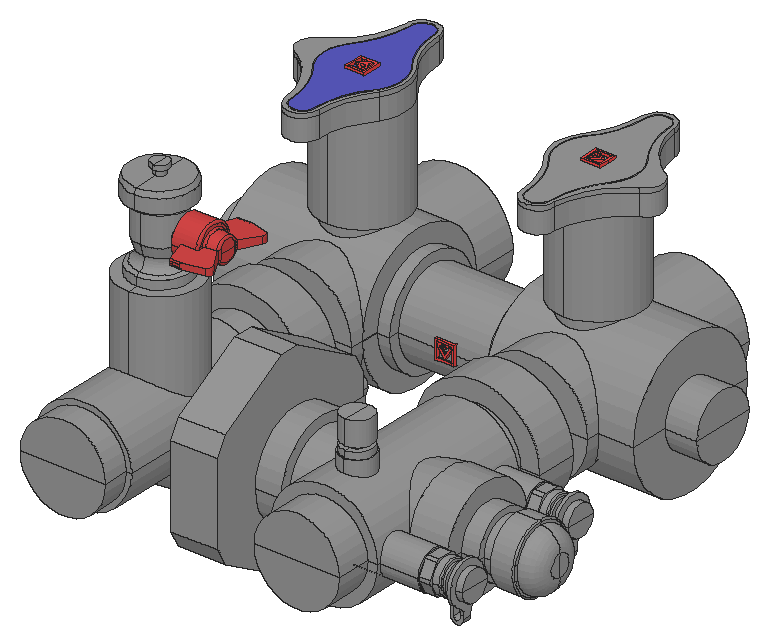
Revit family "HerzCon-узел прямого подключения для фанкойлов 120мм", category Rohrzubehör, Revit 2019
Family settings
  Bemaßung runder Anschluss = Durchmesser verwenden
  Teiletyp = Unterbricht
  OmniClass-Nummer = 23.65.55.14
  OmniClass-Titel = Valves for Liquid Services
  Arbeitsebenenbasiert = Nein
  Immer vertikal = Ja
  Beim Laden mit Abzugskörper schneiden = Nein
  Gemeinsam genutzt = Nein
Parameters (values of type "DN32")
  Среда = "Вода для системы отопления подготавливается в соответствии с ÖNORM H5195 или VDI 2035.\r\nВозможно использование этилена или пропиленгликоля в концентрации 25-50% объема."
  Применение = "HerzCON был разработан для простого подключения фанкойлов или AHU.\r\nHerzCON - это устройство, состоящее из независимого от давления комби-клапана - регулятора расхода (4006), HERZ фильтра-грязевика, HERZ крана для слива (2512) и двух HERZ мультифункциональных шаровых кранов.\r\nВключение, выключение и модульное управление возможно производить через приводы 0 - 10 В.\r\nПриводы могут быть интегрированы в BMS при необходимости.\r\nУстройство обеспечивает независимое от давления управление и в то же время гарантирует постоянный расход для конечного потребителя, максимизируя энергоэффективность системы.\r\nУстройство HerzCON также позволяет производить промывку и запирание.\r\nHerzCON предназначен для работы как в системах холодоснабжения, так и теплоснабжения.\r\nКран для слива, установленный на сетчатом фильтре, позволяет производить промывку устройства без необходимости извлечения сетчатого фильтра, а также позволяет очищать сетчатый фильтр в самом устройстве."
  Номер заказа [instance] = 1460054  # constant formula
  Мин. рабочая температура = -20 °C  # constant formula
  Макс. рабочее давление = 2500000.0 Pa  # constant formula
  Макс. рабочая температура = 130 °C  # constant formula
  Макс. дифференциальное давление = 400000.0 Pa  # constant formula
  Корпус = "латунь, устойчивая к селективной цинковой коррозии"  # constant formula
  kvs-Wert (обычная работа) = 4.57  # constant formula
  kvs-Wert (работа байпаса) = 14.2  # constant formula
  URL = "www.herz-armaturen.ru"
  SCRNSEQ = "ARM;TYP_ARM=\"DURR\";02"
  SCRNCODE = "05;04;04"  # constant formula
  Nennweite SF [instance] = 40.00 mm  # constant formula
  Nennweite Kombi [instance] = 40.00 mm  # constant formula
  Nennweite KH [instance] = 32.00 mm  # constant formula
  Мембрана и уплотнительное кольцо O-Ring = "EPDM"  # constant formula
  L11 = 16.00 mm  # constant formula
  L10 = 29.30 mm  # constant formula
  L09 = 20.00 mm  # constant formula
  L08 = 14.75 mm  # constant formula
  L07 = 19.25 mm  # constant formula
  L06 = 17.00 mm  # constant formula
  L05 = 26.50 mm  # constant formula
  L04 = 55.00 mm  # constant formula
  L03 = 22.40 mm  # constant formula
  L02 = 6.10 mm  # constant formula
  L01 = 15.00 mm  # constant formula
  L00 [instance] = 226.20 mm  # constant formula
  KR02 = 18.25 mm  # constant formula
  KR01 = 35.00 mm  # constant formula
  KL09 = 4.70 mm  # constant formula
  KL08 = KL06 + KL07  # 70.70 mm
  KL07 = 21.80 mm  # constant formula
  KL06 = KH01 + KL05  # 48.90 mm
  KL05 = 15.40 mm  # constant formula
  KL04 = 12.00 mm  # constant formula
  KL03 = KH03 - 9.00 mm  # 57.00 mm
  KL02 = 16.00 mm  # constant formula
  KL01 = 114.00 mm  # constant formula
  KH03 = 66.00 mm  # constant formula
  KH02 = KH01 + KD01  # 58.50 mm
  KH01 = 33.50 mm  # constant formula
  KD09 = 11.25 mm  # constant formula
  KD08 = 24.50 mm  # constant formula
  KD07 = 23.30 mm  # constant formula
  KD06 = 15.00 mm  # constant formula
  KD05 = 12.50 mm  # constant formula
  KD04 = 13.90 mm  # constant formula
  KD03 = 20.00 mm  # constant formula
  KD02 = 20.00 mm  # constant formula
  KD01 = 25.00 mm  # constant formula
  Ход = "4 мм"  # constant formula
  Hersteller = "HERZ Armaturen Ges.m.b.H."  # constant formula
  H01 = D02 + 1.00 mm  # 34.00 mm
  D10 = 21.40 mm  # constant formula
  D09 = 13.00 mm  # constant formula
  D08 = 18.40 mm  # constant formula
  D07 = 39.00 mm  # constant formula
  D06 = 45.00 mm  # constant formula
  D05 = 54.50 mm  # constant formula
  D04 = 20.00 mm  # constant formula
  D03 = 24.50 mm  # constant formula
  D02 = 33.00 mm  # constant formula
  D01 = 15.00 mm  # constant formula
Reference planes
  plane 1 "Mitte (Vorne/hinten)": y = 0
  plane 2: z = 0
  plane 3 "Mitte (Links/rechts)": x = 0
Forms (mm)
  Revolve 1, solid, material "Messing, weicher Gelbton, geschweißt", detail levels fine
    sketch origin (0, -1.436, 0) x (1, 0, 0) y (0, 1, 0)
      loop
        line (-113.1, 1.436) -> (113.1, 1.436) -> (113.1, 16.436) -> (98.1, 16.436) -> (98.1, 34.436) -> (28.5, 34.436) -> (28.5, 25.936) -> (22.4, 25.936) -> (22.4, 21.436) -> (-22.4, 21.436) -> (-22.4, 25.936) -> (-28.5, 25.936) -> (-28.5, 34.436) -> (-98.1, 34.436) -> (-98.1, 16.436) -> (-113.1, 16.436) -> (-113.1, 1.436)
      axis (113.1, 1.436) -> (-113.1, 1.436)
    angle from 0 to 360
  Revolve 2, solid, material "Messing, weicher Gelbton, geschweißt", detail levels fine
    sketch origin (0, 0, 0) x (-1, 0, 0) y (0, 1, 0)
      loop
        line (-55, -57.4) -> (-55, 33.1) -> (-71, 33.1) -> (-71, 54.5) -> (-81.5, 54.5) -> (-81.5, -39) -> (-69.75, -39) -> (-69.75, -51.4) -> (-84.3, -51.4) -> (-84.3, -70.4) -> (-75, -70.4) -> (-75, -57.4) -> (-55, -57.4)
      axis (-55, -70.4) -> (-55, 54.5)
    angle from 0 to 360
  Revolve 3, solid, material "Messing, weicher Gelbton, geschweißt", detail levels fine
    sketch origin (0, 0, 0) x (1, 0, 0) y (0, 0, 1)
      loop
        line (-55, 0) -> (-55, 45) -> (-72, 45) -> (-72, 0) -> (-55, 0)
      axis (-55, 45) -> (-55, 0)
    angle from 0 to 360
  Revolve 4, solid, material "Messing, weicher Gelbton, geschweißt", detail levels fine
    sketch origin (0, 0, 0) x (-1, 0, 0) y (0, 0, 1)
      loop
        line (-55, 0) -> (-55, 45) -> (-72, 45) -> (-72, 0) -> (-55, 0)
      axis (-55, 45) -> (-55, 0)
    angle from 0 to 360
  Revolve 5, solid, material "Messing, weicher Gelbton, geschweißt", detail levels fine
    sketch origin (0, 0, 0) x (1, 0, 0) y (0, 1, 0)
      loop
        line (-55, -57.4) -> (-55, 33.1) -> (-71, 33.1) -> (-71, 54.5) -> (-81.5, 54.5) -> (-81.5, -39) -> (-69.75, -39) -> (-69.75, -51.4) -> (-84.3, -51.4) -> (-84.3, -70.4) -> (-75, -70.4) -> (-75, -57.4) -> (-55, -57.4)
      axis (-55, -70.4) -> (-55, 54.5)
    angle from 0 to 360
  Revolve 6, solid, material "Messing, weicher Gelbton, geschweißt", detail levels fine
    sketch origin (10, 7.177, 0) x (1, 0, 0) y (0, 1, 0)
      loop
        line (45, -68.677) -> (25, -68.677) -> (25, -84.677) -> (20, -84.677) -> (20, -166.677) -> (25, -166.677) -> (25, -182.677) -> (45, -182.677) -> (45, -68.677)
      axis (45, -68.677) -> (45, -182.677)
    angle from 0 to 360
  Revolve 7, solid, material "Messing, weicher Gelbton, geschweißt", detail levels fine
    sketch origin (10, -105.85, 0) x (1, 0, 0) y (0, 1, 0)
      loop
        line (11.5, -12.65) -> (11.5, -32.65) -> (45, -32.65) -> (70, -35.95) -> (87.8, -35.95) -> (87.8, -27.65) -> (96.3, -27.65) -> (96.3, -25.15) -> (102, -25.15) -> (102, -26.55) -> (111, -26.55) -> (111, -12.65) -> (11.5, -12.65)
      axis (11.5, -12.65) -> (111, -12.65)
    angle from 0 to 360
  Revolve 8, solid, material "Messing, weicher Gelbton, geschweißt", detail levels fine
    sketch origin (10, -105.85, 0) x (1, 0, 0) y (0, 1, 0)
      loop
        line (11.5, -12.65) -> (-3.9, -12.65) -> (-3.9, -23.9) -> (-0.5, -23.9) -> (-0.5, -37.15) -> (11.5, -37.15) -> (11.5, -12.65)
      axis (-3.9, -12.65) -> (11.5, -12.65)
    angle from 0 to 360
  Extrusion 9, solid, material "Messing, weicher Gelbton, geschweißt", detail levels fine
    sketch origin (-4.9, 62.574, 0) x (0, 1, 0) y (0, 0, 1)
      loop
        line (-176.324, 46) -> (-185.824, 46) -> (-218.536, 27.114) -> (-223.286, 18.886) -> (-223.286, -18.886) -> (-218.536, -27.114) -> (-185.824, -46) -> (-176.324, -46) -> (-143.612, -27.114) -> (-138.862, -18.886) -> (-138.862, 18.886) -> (-143.612, 27.114) -> (-176.324, 46)
    from 11 to -10.8
  Revolve 10, solid, material "Messing, weicher Gelbton, geschweißt", detail levels fine
    sketch origin (-4.9, -105.85, 0) x (1, 0, 0) y (0, 1, 0)
      loop
        line (-10.8, -12.65) -> (-10.8, 22.35) -> (-15.5, 5.6) -> (-15.5, -12.65) -> (-10.8, -12.65)
      axis (-15.5, -12.65) -> (-10.8, -12.65)
    angle from 0 to 360
  Extrusion 11, solid, material "Messing, weicher Gelbton, geschweißt", detail levels fine
    sketch origin (-4.9, -105.85, 0) x (1, 0, 0) y (0, 0, 1)
      loop
        line (11, 8) -> (-7.5, 8)
        arc (-7.5, 8) -> (-15.5, 0) -> (-7.5, -8) r 8
        line (-7.5, -8) -> (11, -8) -> (11, 8)
    from -30.847 to 12.65
  Revolve 12, solid, material "Messing, weicher Gelbton, geschweißt", detail levels fine
    sketch origin (-4.9, -105.85, 0) x (1, 0, 0) y (0, 1, 0)
      loop
        line (-14.5, 30.847) -> (-7.5, 30.847) -> (-7.5, 46.847) -> (-14.5, 46.847) -> (-14.5, 35.847) -> (-11.5, 35.847) -> (-11.5, 33.847) -> (-14.5, 33.847) -> (-14.5, 30.847)
      axis (-7.5, 46.847) -> (-7.5, 30.847)
    angle from 0 to 360
  Revolve 13, solid, material "Messing, weicher Gelbton, geschweißt", detail levels fine
    sketch origin (55, -105.85, 0) x (0, 1, 0) y (0, 0, 1)
      loop
        line (-34.65, 0) -> (-26.85, 0) -> (-26.85, 31) -> (-27.65, 31) -> (-27.65, 34) -> (-30.65, 34) -> (-30.65, 36) -> (-27.65, 36) -> (-27.65, 47) -> (-34.65, 47) -> (-34.65, 0)
      axis (-34.65, 47) -> (-34.65, 0)
    angle from 0 to 360
  Revolve 14, solid, material "Messing, weicher Gelbton, geschweißt", detail levels fine
    sketch origin (0, 0, 0) x (1, 0, 0) y (0, 1, 0)
      loop
        line (55, -96.5) -> (97.8, -96.5) -> (97.8, -87.5) -> (55, -87.5) -> (55, -96.5)
      axis (97.8, -87.5) -> (55, -87.5)
    angle from 0 to 360
  Revolve 15, solid, material "Messing, weicher Gelbton, geschweißt", detail levels fine
    sketch origin (0, -396.8, 0) x (1, 0, 0) y (0, -1, 0)
      loop
        line (55, -256.3) -> (97.8, -256.3) -> (97.8, -247.3) -> (55, -247.3) -> (55, -256.3)
      axis (97.8, -247.3) -> (55, -247.3)
    angle from 0 to 360
  Revolve 16, solid, material "Messing, weicher Gelbton, geschweißt", detail levels fine
    sketch origin (0, 251.113, 0) x (1, 0, 0) y (0, 1, 0)
      loop
        line (-55, -312.613) -> (-75, -312.613) -> (-75, -335.613) -> (-77.5, -335.613) -> (-77.5, -413.943) -> (-75, -413.943) -> (-75, -425.613) -> (-55, -425.613) -> (-55, -312.613)
      axis (-55, -312.613) -> (-55, -425.613)
    angle from 0 to 360
  Revolve 17, solid, material "Messing, weicher Gelbton, geschweißt", detail levels fine
    sketch origin (-55, 0, 0) x (0, 1, 0) y (0, 0, 1)
      loop
        line (-105, 0) -> (-105, -36)
        arc (-105, -36) -> (-92.506, -32.657) -> (-84.5, -22.5) r 20.5
        line (-84.5, -22.5) -> (-84.5, 0) -> (-105, 0)
      axis (-105, 0) -> (-105, -36)
    angle from 0 to 360
  Revolve 18, solid, material "Messing, weicher Gelbton, geschweißt", detail levels fine
    sketch origin (-55, -511.376, 0) x (0, 1, 0) y (0, 0, 1)
      loop
        line (393.376, 0) -> (411.876, 0) -> (411.876, 57) -> (406.876, 57) -> (406.876, 61) -> (404.999, 62.084)
        arc (404.999, 62.084) -> (402.831, 64.622) -> (402.743, 67.959) r 5
        line (402.743, 67.959) -> (404.381, 73) -> (404.381, 88) -> (406.581, 88) -> (406.581, 89.5) -> (408.361, 89.5) -> (408.361, 96) -> (407.361, 98.5) -> (395.861, 98.5) -> (395.861, 101.5) -> (397.361, 101.5) -> (397.361, 103.5) -> (393.376, 103.5) -> (393.376, 0)
      axis (393.376, 103.5) -> (393.376, 0)
    angle from 0 to 360
  Extrusion 19, solid, material "Messing, weicher Gelbton, geschweißt", detail levels fine
    sketch origin (5.52, -501.459, 12) x (0, 1, 0) y (0, 0, 1)
      loop
        circle (383.459, 65) r 5.5
    from -60.52 to -43.52
Dimensions and locks
  "L00": Revolve 1 sketch curve to Revolve 1 sketch curve
  "L01": Revolve 1 sketch curve to Revolve 1 sketch curve  (x2)
  "L02": Revolve 1 sketch curve to Revolve 1 sketch curve  (x2)
  equal spacing: Revolve 1 sketch curve, plane 3 "Mitte (Links/rechts)", Revolve 1 sketch curve
  "D01": Revolve 1 sketch curve to Revolve 1 sketch curve  (x2)
  "D02": Revolve 1 sketch curve to Revolve 1 sketch curve  (x2)
  "D03": Revolve 1 sketch curve to Revolve 1 sketch curve  (x2)
  "D04": Revolve 1 sketch curve to Revolve 1 sketch curve
  "D04": nested 2 to plane 1 "Mitte (Vorne/hinten)"
  "D04": nested 1 to plane 1 "Mitte (Vorne/hinten)"
  "L03": Revolve 1 sketch curve to plane 3 "Mitte (Links/rechts)" to Revolve 1 sketch curve
  "L05": Revolve 2 sketch curve to Revolve 2 sketch curve
  "L04": plane 3 "Mitte (Links/rechts)" to Revolve 2 sketch curve  (x2)
  "L04": plane 3 "Mitte (Links/rechts)" to Revolve 3 sketch curve  (x2)
  "L06": Revolve 3 sketch curve to Revolve 3 sketch curve
  "D06": Revolve 3 sketch curve to plane 2
  "L06": Revolve 4 sketch curve to Revolve 4 sketch curve
  "D06": Revolve 4 sketch curve to plane 2
  "L04": plane 3 "Mitte (Links/rechts)" to Revolve 4 sketch curve
  "L04": Revolve 4 sketch curve to plane 3 "Mitte (Links/rechts)"
  "L04": plane 3 "Mitte (Links/rechts)" to nested 3
  "L04": nested 4 to plane 3 "Mitte (Links/rechts)"
  "H01": nested 3 to plane 2
  "H01": nested 4 to plane 2
  "D05": plane 1 "Mitte (Vorne/hinten)" to Revolve 2 sketch curve
  "D07": Revolve 2 sketch curve to plane 1 "Mitte (Vorne/hinten)"
  "D08": Revolve 2 sketch curve to Revolve 2 sketch curve
  "L08": Revolve 2 sketch curve to Revolve 2 sketch curve
  "L10": Revolve 2 sketch curve to Revolve 2 sketch curve
  "L09": Revolve 2 sketch curve to Revolve 2 sketch curve
  "D09": Revolve 2 sketch curve to Revolve 2 sketch curve
  "L05": Revolve 5 sketch curve to Revolve 5 sketch curve
  "D08": Revolve 5 sketch curve to Revolve 5 sketch curve
  "L08": Revolve 5 sketch curve to Revolve 5 sketch curve
  "L10": Revolve 5 sketch curve to Revolve 5 sketch curve
  "L09": Revolve 5 sketch curve to Revolve 5 sketch curve
  "D09": Revolve 5 sketch curve to Revolve 5 sketch curve
  "D05": plane 1 "Mitte (Vorne/hinten)" to Revolve 5 sketch curve
  "D07": Revolve 5 sketch curve to plane 1 "Mitte (Vorne/hinten)"
  "L11": Revolve 5 sketch curve to Revolve 5 sketch curve
  "L04": Revolve 5 sketch curve to plane 3 "Mitte (Links/rechts)"  (x2)
  "D10": Revolve 5 sketch curve to Revolve 5 sketch curve
  "L11": Revolve 2 sketch curve to Revolve 2 sketch curve
  "D10": Revolve 2 sketch curve to Revolve 2 sketch curve
  "KD02": Revolve 6 sketch curve to Revolve 6 sketch curve  (x2)
  "KD01": Revolve 6 sketch curve to Revolve 6 sketch curve
  Revolve 6 sketch curve to Revolve 6 sketch curve = 114.00 mm
  "KL02": Revolve 6 sketch curve to Revolve 6 sketch curve  (x2)
  equal spacing: Revolve 6, Revolve 7 sketch curve, Revolve 6  (x2)
  Revolve 7 sketch curve to Revolve 7 sketch curve = 99.50 mm
  Revolve 7 sketch curve to Revolve 7 sketch curve = 9.00 mm
  Revolve 7 sketch curve to Revolve 7 sketch curve = 5.70 mm
  Revolve 7 sketch curve to Revolve 7 sketch curve = 8.50 mm
  "KD04": Revolve 7 sketch curve to Revolve 7 sketch curve
  "KD05": Revolve 7 sketch curve to Revolve 7 sketch curve
  "KD06": Revolve 7 sketch curve to Revolve 7 sketch curve
  "KD03": Revolve 7 sketch curve to Revolve 7 sketch curve
  "KH01": Revolve 7 sketch curve to Revolve 7 sketch curve
  "KH02": Revolve 7 sketch curve to Revolve 7 sketch curve
  "KH01": Revolve 8 sketch curve to Revolve 7
  equal spacing: Revolve 6, Revolve 8 sketch curve, Revolve 6  (x2)
  "KD08": Revolve 8 sketch curve to Revolve 8 sketch curve
  "KD09": Revolve 8 sketch curve to Revolve 8 sketch curve
  "KL05": Revolve 8 sketch curve to Revolve 8 sketch curve
  "KL04": Revolve 8 sketch curve to Revolve 8 sketch curve
  equal spacing: Revolve 6, Revolve 10 sketch curve, Revolve 6  (x2)
  "KR02": Revolve 10 sketch curve to Revolve 10 sketch curve
  "KR01": Revolve 10 sketch curve to Revolve 10 sketch curve
  "KL09": Revolve 10 sketch curve to Extrusion 9
  equal spacing: Revolve 6, nested 5, Revolve 6
  Revolve 12 sketch curve to Revolve 12 sketch curve = 7.00 mm  (x2)
  Revolve 12 sketch curve to Revolve 12 sketch curve = 4.00 mm
  Revolve 12 sketch curve to Revolve 12 sketch curve = 3.00 mm
  Revolve 12 sketch curve to Revolve 12 sketch curve = 2.00 mm
  Revolve 12 sketch curve to Revolve 12 sketch curve = 11.00 mm
  Revolve 10 to Revolve 12 sketch curve = 1.00 mm
  Revolve 10 to Revolve 12 sketch curve = 8.00 mm
  Extrusion 11 to Revolve 12 sketch curve = 43.497 mm
  equal spacing: Revolve 6, Extrusion 11, Revolve 6
  Revolve 13 sketch curve to Revolve 13 sketch curve = 7.80 mm
  Revolve 13 sketch curve to Revolve 13 sketch curve = 7.00 mm  (x2)
  Revolve 13 sketch curve to Revolve 13 sketch curve = 4.00 mm
  Revolve 13 sketch curve to Revolve 13 sketch curve = 3.00 mm
  Revolve 13 sketch curve to Revolve 13 sketch curve = 2.00 mm
  Revolve 13 sketch curve to Revolve 13 sketch curve = 11.00 mm
  "L04": plane 3 "Mitte (Links/rechts)" to Revolve 6 sketch curve  (x2)
  "KH03": Revolve 7 sketch curve to Revolve 7 sketch curve
  "KD07": Revolve 7 sketch curve to Revolve 7 sketch curve
  "KL03": Revolve 7 to nested 5
  "KL06": Extrusion 9 to Revolve 7
  Extrusion 9 sketch curve to Extrusion 9 sketch curve = 92.00 mm  (x3)
  Extrusion 9 sketch curve to Extrusion 9 sketch curve = 84.424 mm  (x3)
  "KL07": Extrusion 9 to Extrusion 9
  "KL08": Revolve 10 sketch curve to Revolve 7
  Revolve 6 to Extrusion 9 sketch curve = 14.788 mm
  Extrusion 9 sketch curve to Revolve 6 = 14.788 mm
  Extrusion 11 sketch curve to Extrusion 11 sketch curve = 26.50 mm
  Revolve 14 sketch curve to Revolve 14 sketch curve = 42.80 mm
  Revolve 14 sketch curve to Revolve 14 sketch curve = 9.00 mm
  Revolve 14 sketch curve to Revolve 6 = 26.00 mm  (x2)
  Revolve 15 sketch curve to Revolve 15 sketch curve = 42.80 mm
  Revolve 15 sketch curve to Revolve 15 sketch curve = 9.00 mm
  Revolve 6 to Revolve 15 sketch curve = 26.00 mm  (x2)
  Revolve 6 to nested 6 = 26.00 mm
  Revolve 7 to nested 6 = 42.80 mm
  nested 7 to Revolve 6 = 26.00 mm
  Revolve 7 to nested 7 = 42.80 mm
  Revolve 13 sketch curve to plane 2 = 31.00 mm
  Revolve 13 sketch curve to Revolve 6 = 35.00 mm  (x2)
  Revolve 2 to Revolve 6 = 230.00 mm
  Revolve 16 sketch curve to Revolve 16 sketch curve = 23.00 mm
  Revolve 16 sketch curve to Revolve 16 sketch curve = 11.67 mm
  Revolve 16 sketch curve to Revolve 16 sketch curve = 113.00 mm
  "L04": Revolve 16 sketch curve to plane 3 "Mitte (Links/rechts)"  (x2)
  Revolve 16 sketch curve to Revolve 16 sketch curve = 20.00 mm  (x2)
  Revolve 16 sketch curve to Revolve 16 sketch curve = 22.50 mm
  Revolve 17 sketch curve to Revolve 17 sketch curve = 22.50 mm
  Revolve 17 sketch curve to Revolve 17 sketch curve = 20.50 mm
  "L04": Revolve 17 to plane 3 "Mitte (Links/rechts)"
  Revolve 18 sketch curve to Revolve 18 sketch curve = 13.50 mm
  "L04": Revolve 18 to plane 3 "Mitte (Links/rechts)"
  Revolve 18 sketch curve to plane 2 = 57.00 mm
  Revolve 18 sketch curve to Revolve 18 sketch curve = 4.00 mm
  equal spacing: Revolve 16, Revolve 18 sketch curve, Revolve 16  (x2)
  "L04": Extrusion 19 to plane 3 "Mitte (Links/rechts)"
  Extrusion 19 to Extrusion 19 = 17.00 mm
  Revolve 18 to Extrusion 19 = 11.00 mm
  Revolve 18 to nested 8 = 11.00 mm
  equal spacing: Revolve 16, nested 8, Revolve 16
  equal spacing: Revolve 16, Extrusion 19 sketch curve, Revolve 16
  Revolve 16 to Revolve 5 = 229.00 mm
  Revolve 16 to Revolve 17 sketch curve = 43.50 mm  (x2)
  plane 2 to Revolve 17 sketch curve = 36.00 mm
  radius of Extrusion 11 sketch curve = 8.00 mm
  radius of Extrusion 19 sketch curve = 5.50 mm
  aligned and locked: level to plane 2
Automatic sketch dimensions
  Extrusion 9 sketch curve to level = 27.114 mm  (x2)
  Extrusion 9 sketch curve to Extrusion 9 sketch curve = 4.75 mm  (x2)
  level to Extrusion 9 sketch curve = 27.114 mm  (x2)
  Extrusion 9 sketch curve to Extrusion 9 sketch curve = 32.712 mm  (x2)
  level to Extrusion 9 sketch curve = 46.00 mm
  Extrusion 9 sketch curve to Extrusion 9 sketch curve = 9.50 mm
  Extrusion 9 sketch curve to Extrusion 9 sketch curve = 8.227 mm  (x2)
  Extrusion 11 sketch curve to level = 0.00 mm
  Extrusion 11 sketch curve to plane 3 "Mitte (Links/rechts)" = 12.40 mm
  Revolve 12 sketch curve to Revolve 12 sketch curve = 1.775 mm
  Revolve 12 sketch curve to Revolve 12 sketch curve = 4.225 mm
  Revolve 13 sketch curve to level = 0.00 mm
  level to Revolve 13 sketch curve = 7.505 mm
  Revolve 13 sketch curve to Revolve 13 sketch curve = 10.256 mm
  plane 3 "Mitte (Links/rechts)" to Revolve 14 sketch curve = 55.00 mm
  Revolve 14 sketch curve to Revolve 14 sketch curve = 12.80 mm
  Revolve 14 sketch curve to Revolve 14 sketch curve = 5.00 mm
  Revolve 15 sketch curve to plane 3 "Mitte (Links/rechts)" = 55.00 mm
  Revolve 15 sketch curve to Revolve 15 sketch curve = 12.80 mm
  Revolve 15 sketch curve to Revolve 15 sketch curve = 5.00 mm
  Revolve 17 sketch curve to level = 0.00 mm
  Revolve 17 sketch curve to Revolve 17 sketch curve = 1.219 mm
  Revolve 17 sketch curve to Revolve 17 sketch curve = 6.00 mm
  Revolve 17 sketch curve to level = 5.00 mm
  Revolve 18 sketch curve to level = 0.00 mm
  Revolve 18 sketch curve to Revolve 18 sketch curve = 2.485 mm
  Revolve 18 sketch curve to Revolve 18 sketch curve = 1.50 mm  (x2)
  level to Revolve 18 sketch curve = 67.959 mm
  Revolve 18 sketch curve to Revolve 18 sketch curve = 6.883 mm
  Revolve 18 sketch curve to Revolve 18 sketch curve = 8.52 mm
  level to Revolve 18 sketch curve = 62.084 mm
  Revolve 18 sketch curve to Revolve 18 sketch curve = 2.255 mm
  Revolve 18 sketch curve to Revolve 18 sketch curve = 2.20 mm
  level to Revolve 18 sketch curve = 98.50 mm
  Revolve 18 sketch curve to Revolve 18 sketch curve = 0.78 mm
  Revolve 18 sketch curve to Revolve 18 sketch curve = 2.50 mm  (x2)
  Revolve 18 sketch curve to Revolve 18 sketch curve = 1.78 mm
  Revolve 18 sketch curve to Revolve 18 sketch curve = 5.041 mm
  Revolve 18 sketch curve to Revolve 18 sketch curve = 10.50 mm
  Revolve 18 sketch curve to Revolve 18 sketch curve = 3.00 mm
  Revolve 18 sketch curve to Revolve 18 sketch curve = 2.00 mm
  Revolve 18 sketch curve to Revolve 18 sketch curve = 8.124 mm
  Revolve 18 sketch curve to Revolve 18 sketch curve = 5.00 mm
  Revolve 18 sketch curve to Revolve 18 sketch curve = 21.227 mm
  level to Extrusion 19 sketch curve = 77.00 mm
  Revolve 1 sketch curve to plane 1 "Mitte (Vorne/hinten)" = 0.00 mm
  plane 1 "Mitte (Vorne/hinten)" to Revolve 1 sketch curve = 0.00 mm
  Revolve 1 sketch curve to Revolve 1 sketch curve = 1904.835 mm  (x2)
  Revolve 2 sketch curve to Revolve 2 sketch curve = 6.00 mm
  Revolve 2 sketch curve to Revolve 2 sketch curve = 7.746 mm
  Revolve 2 sketch curve to Revolve 2 sketch curve = 7.208 mm
  Revolve 3 sketch curve to level = 0.00 mm  (x2)
  Revolve 3 sketch curve to Revolve 3 sketch curve = 6.726 mm
  Revolve 4 sketch curve to level = 0.00 mm  (x2)
  Revolve 4 sketch curve to Revolve 4 sketch curve = 6.726 mm
  Revolve 5 sketch curve to Revolve 5 sketch curve = 6.00 mm
  Revolve 5 sketch curve to Revolve 5 sketch curve = 7.746 mm
  Revolve 5 sketch curve to Revolve 5 sketch curve = 7.208 mm
  plane 1 "Mitte (Vorne/hinten)" to Revolve 6 sketch curve = 175.50 mm
  Revolve 6 sketch curve to Revolve 6 sketch curve = 6.00 mm
  Revolve 6 sketch curve to Revolve 6 sketch curve = 5.00 mm
  plane 3 "Mitte (Links/rechts)" to Revolve 7 sketch curve = 21.50 mm
  Revolve 7 sketch curve to Revolve 7 sketch curve = 5.00 mm
  Revolve 7 sketch curve to Revolve 7 sketch curve = 11.575 mm
  Revolve 8 sketch curve to Revolve 8 sketch curve = 2.197 mm
  Revolve 8 sketch curve to Revolve 8 sketch curve = 3.212 mm
  Revolve 10 sketch curve to Revolve 10 sketch curve = 0.00 mm  (x2)
  plane 1 "Mitte (Vorne/hinten)" to Revolve 16 sketch curve = 174.50 mm
  Revolve 16 sketch curve to Revolve 16 sketch curve = 26.33 mm
  Revolve 16 sketch curve to Revolve 16 sketch curve = 12.00 mm
Nested families
  nested 1: "Herz-Logo-vorne" at (0, -20, 0) x (0, 1, 0) z (0, 0, 1), type "Herz-Logo-vorne", detail levels fine
  nested 2: "Herz-Logo-vorne" at (0, 20, 0) x (0, 1, 0) z (0, 0, 1), type "Herz-Logo-vorne", detail levels fine
  nested 3: "Handrad (blau) für HerzCon DN25-DN32" at (-55, 0, 34) x (0, -1, 0) z (0, 0, 1), type "Handrad (blau) für HerzCon DN25-DN32", detail levels fine
  nested 4: "Handrad (rot) für HerzCon DN25-DN32" at (55, 0, 34) x (0, 1, 0) z (0, 0, 1), type "Handrad (rot) für HerzCon DN25-DN32", detail levels fine
  nested 5: "Bauschutzkappe für HerCon" at (112, -118.5, 0), type "Bauschutzkappe für HerCon", detail levels fine
  nested 6: "Messstutzen_Band_Eintritt" at (80.3, -149.5, 0) x (0, 1, 0) z (0, 0, 1), type "Messstutzen_Band_Eintritt", detail levels fine
    with Schutzkappe yes, Nennweite 0.00 mm, Gewicht 0.00 kg, Bestellnummer 0
  nested 7: "Messstutzen_Band_Austritt" at (80.3, -87.5, 0) x (0, 1, 0) z (0, 0, 1), type "Messstutzen_Band_Austritt", detail levels fine
    with Schutzkappe yes, Nennweite 0.00 mm, Gewicht 0.00 kg, Bestellnummer 0
  nested 8: "Flügelgriff rot (seite)" at (-42, -118, 77), type "Flügelgriff rot (seite)"
Connectors
  piping at (55, -175.5, 0), diameter 40, driven by "Nennweite Kombi"
    settings: on Revolve 6, index 1, connector inside diameter 609.6 mm, connector length 0.00 mm, flow factor 0, pipe flow 0.0 L/s, pressure drop 0.0 Pa, fitting loss kfactor 0, connector angle 0.00°, fixture units 0, engagement length 0.00 mm, angle of deflection 0.00°, flow configuration 0, flow direction 1, fitting loss method 0, system type 7, joint type 0, gender type 0, connector reference index -1, connector utility 0, adjustable connector no, is connector primary yes, connector description ""
  piping at (-55, -174.5, 0), diameter 40, driven by "Nennweite SF"
    settings: on Revolve 16, index 2, connector inside diameter 609.6 mm, connector length 0.00 mm, flow factor 0, pipe flow 0.0 L/s, pressure drop 0.0 Pa, fitting loss kfactor 0, connector angle 0.00°, fixture units 0, engagement length 0.00 mm, angle of deflection 0.00°, flow configuration 0, flow direction 2, fitting loss method 0, system type 8, joint type 0, gender type 0, connector reference index -1, connector utility 0, adjustable connector no, is connector primary no, connector description ""
  piping at (55, 33.1, 0), diameter 32, driven by "Nennweite KH"
    settings: on Revolve 2, index 3, connector inside diameter 609.6 mm, connector length 0.00 mm, flow factor 0, pipe flow 0.0 L/s, pressure drop 0.0 Pa, fitting loss kfactor 0, connector angle 0.00°, fixture units 0, engagement length 0.00 mm, angle of deflection 0.00°, flow configuration 0, flow direction 2, fitting loss method 0, system type 7, joint type 0, gender type 0, connector reference index -1, connector utility 0, adjustable connector no, is connector primary no, connector description ""
  piping at (-55, 33.1, 0), diameter 32, driven by "Nennweite KH"
    settings: on Revolve 5, index 4, connector inside diameter 609.6 mm, connector length 0.00 mm, flow factor 0, pipe flow 0.0 L/s, pressure drop 0.0 Pa, fitting loss kfactor 0, connector angle 0.00°, fixture units 0, engagement length 0.00 mm, angle of deflection 0.00°, flow configuration 0, flow direction 1, fitting loss method 0, system type 8, joint type 0, gender type 0, connector reference index -1, connector utility 0, adjustable connector no, is connector primary no, connector description ""
Definition of nested family "Herz-Logo-vorne"
  Reference planes
    plane 1 "Mitte (Vorne/hinten)": y = 0
    plane 2: z = 0
    plane 3 "Mitte (Links/rechts)": x = 0
  Forms (mm)
    Extrusion 1, solid
      sketch origin (0.732, -0.018, 0.017) x (0, -1, 0) y (0, 0, 1)
        loop
          line (-0.018, -4.517) -> (4.482, -4.517) -> (4.482, 4.483) -> (-4.518, 4.483) -> (-4.518, -4.517) -> (-0.018, -4.517)
        loop
          line (-0.05, -3.48) -> (3.482, -3.48) -> (3.482, 3.483) -> (-3.518, 3.483) -> (-3.518, -3.48) -> (-0.05, -3.48)
        loop
          arc (-0.018, 2.383) -> (-1.543, 3.287) -> (-3.067, 2.383) r 1.738
          arc (-3.067, 2.383) -> (-3.191, 1.899) -> (-3.067, 1.415) r 1.009
          line (-3.067, 1.415) -> (-0.018, -3.281) -> (3.032, 1.415)
          arc (3.032, 1.415) -> (3.156, 1.899) -> (3.032, 2.383) r 1.009
          arc (3.032, 2.383) -> (1.507, 3.287) -> (-0.018, 2.383) r 1.738
        loop
          arc (1.885, 1.272) -> (2.005, 1.675) -> (1.885, 2.079) r 0.74
          arc (1.885, 2.079) -> (1.265, 2.416) -> (0.644, 2.079) r 0.74
          line (0.644, 2.079) -> (-0.018, 0.97) -> (-0.679, 2.079)
          arc (-0.679, 2.079) -> (-1.3, 2.416) -> (-1.921, 2.079) r 0.74
          arc (-1.921, 2.079) -> (-2.04, 1.675) -> (-1.921, 1.272) r 0.74
          line (-1.921, 1.272) -> (-0.018, -1.658) -> (1.885, 1.272)
      from 0 to 1.5
  Dimensions and locks
    aligned and locked: level to plane 2
Definition of nested family "Handrad (blau) für HerzCon DN25-DN32"
  Reference planes
    plane 1 "Mitte (Vorne/hinten)": y = 0
    plane 2: z = 0
    plane 3 "Mitte (Links/rechts)": x = 0
  Forms (mm)
    Extrusion 1, solid, detail levels fine
      sketch origin (0, 0, 0) x (1, 0, 0) y (0, 1, 0)
        loop
          circle (0, 0) r 20
      from 0 to 45
    Extrusion 2, solid, detail levels fine
      sketch origin (0, 0, 0) x (1, 0, 0) y (0, 1, 0)
        loop
          arc (-35, 7.5) -> (-42.5, 0) -> (-35, -7.5) r 7.5
          arc (-35, -7.5) -> (-19.287, -13.2) -> (-7.275, -24.825) r 40
          arc (-7.275, -24.825) -> (0, -30) -> (7.275, -24.825) r 7.7
          arc (7.275, -24.825) -> (19.287, -13.2) -> (35, -7.5) r 40
          arc (35, -7.5) -> (42.5, 0) -> (35, 7.5) r 7.5
          arc (35, 7.5) -> (22.22, 10.127) -> (10.965, 16.726) r 40
          arc (10.965, 16.726) -> (0, 20) -> (-10.965, 16.726) r 20
          arc (-10.965, 16.726) -> (-22.22, 10.127) -> (-35, 7.5) r 40
      from 45 to 55
    Extrusion 3, solid, detail levels fine
      sketch origin (0, 0, 0) x (1, 0, 0) y (0, 1, 0)
        loop
          arc (-35, 7.5) -> (-42.5, 0) -> (-35, -7.5) r 7.5
          arc (-35, -7.5) -> (-19.287, -13.2) -> (-7.275, -24.825) r 40
          arc (-7.275, -24.825) -> (0, -30) -> (7.275, -24.825) r 7.7
          arc (7.275, -24.825) -> (19.287, -13.2) -> (35, -7.5) r 40
          arc (35, -7.5) -> (42.5, 0) -> (35, 7.5) r 7.5
          arc (35, 7.5) -> (22.22, 10.127) -> (10.965, 16.726) r 40
          arc (10.965, 16.726) -> (0, 20) -> (-10.965, 16.726) r 20
          arc (-10.965, 16.726) -> (-22.22, 10.127) -> (-35, 7.5) r 40
        loop
          arc (-34.965, 5.5) -> (-40.5, 0) -> (-34.965, -5.5) r 5.5
          arc (-34.965, -5.5) -> (-21.579, -8.231) -> (-9.777, -15.113) r 42
          arc (-9.777, -15.113) -> (0, -18) -> (9.777, -15.113) r 18
          arc (9.777, -15.113) -> (21.579, -8.231) -> (34.965, -5.5) r 42
          arc (34.965, -5.5) -> (40.5, 0) -> (34.965, 5.5) r 5.5
          arc (34.965, 5.5) -> (21.579, 8.231) -> (9.777, 15.113) r 42
          arc (9.777, 15.113) -> (0, 18) -> (-9.777, 15.113) r 18
          arc (-9.777, 15.113) -> (-21.579, 8.231) -> (-34.965, 5.5) r 42
      from 55 to 57
    Extrusion 4, solid, detail levels fine
      sketch origin (0, 0, 0) x (1, 0, 0) y (0, 1, 0)
        loop
          arc (-34.965, 5.5) -> (-40.5, 0) -> (-34.965, -5.5) r 5.5
          arc (-34.965, -5.5) -> (-21.579, -8.231) -> (-9.777, -15.113) r 42
          arc (-9.777, -15.113) -> (0, -18) -> (9.777, -15.113) r 18
          arc (9.777, -15.113) -> (21.579, -8.231) -> (34.965, -5.5) r 42
          arc (34.965, -5.5) -> (40.5, 0) -> (34.965, 5.5) r 5.5
          arc (34.965, 5.5) -> (21.579, 8.231) -> (9.777, 15.113) r 42
          arc (9.777, 15.113) -> (0, 18) -> (-9.777, 15.113) r 18
          arc (-9.777, 15.113) -> (-21.579, 8.231) -> (-34.965, 5.5) r 42
      from 55 to 57
  Dimensions and locks
    aligned and locked: level to plane 2
  Nested families
    nested 1: "Herz-Logo" at (0, 0, 56.5), type "Herz-Logo", detail levels fine
  Definition of nested family "Herz-Logo"
    Reference planes
      plane 1 "Mitte (Vorne/hinten)": y = 0
      plane 2: z = 0
      plane 3 "Mitte (Links/rechts)": x = 0
    Forms (mm)
      Extrusion 1, solid
        sketch origin (0, 0, 0) x (1, 0, 0) y (0, 1, 0)
          loop
            line (-0.018, -4.517) -> (4.482, -4.517) -> (4.482, 4.483) -> (-4.518, 4.483) -> (-4.518, -4.517) -> (-0.018, -4.517)
          loop
            line (-0.05, -3.48) -> (3.482, -3.48) -> (3.482, 3.483) -> (-3.518, 3.483) -> (-3.518, -3.48) -> (-0.05, -3.48)
          loop
            arc (-0.018, 2.383) -> (-1.543, 3.287) -> (-3.067, 2.383) r 1.738
            arc (-3.067, 2.383) -> (-3.191, 1.899) -> (-3.067, 1.415) r 1.009
            line (-3.067, 1.415) -> (-0.018, -3.281) -> (3.032, 1.415)
            arc (3.032, 1.415) -> (3.156, 1.899) -> (3.032, 2.383) r 1.009
            arc (3.032, 2.383) -> (1.507, 3.287) -> (-0.018, 2.383) r 1.738
          loop
            arc (1.885, 1.272) -> (2.005, 1.675) -> (1.885, 2.079) r 0.74
            arc (1.885, 2.079) -> (1.265, 2.416) -> (0.644, 2.079) r 0.74
            line (0.644, 2.079) -> (-0.018, 0.97) -> (-0.679, 2.079)
            arc (-0.679, 2.079) -> (-1.3, 2.416) -> (-1.921, 2.079) r 0.74
            arc (-1.921, 2.079) -> (-2.04, 1.675) -> (-1.921, 1.272) r 0.74
            line (-1.921, 1.272) -> (-0.018, -1.658) -> (1.885, 1.272)
        from 0 to 1.5
    Dimensions and locks
      aligned and locked: level to plane 2
Definition of nested family "Handrad (rot) für HerzCon DN25-DN32"
  Reference planes
    plane 1 "Mitte (Vorne/hinten)": y = 0
    plane 2: z = 0
    plane 3 "Mitte (Links/rechts)": x = 0
  Forms (mm)
    Extrusion 1, solid, detail levels fine
      sketch origin (0, 0, 0) x (1, 0, 0) y (0, 1, 0)
        loop
          circle (0, 0) r 20
      from 0 to 45
    Extrusion 2, solid, detail levels fine
      sketch origin (0, 0, 0) x (1, 0, 0) y (0, 1, 0)
        loop
          arc (-35, 7.5) -> (-42.5, 0) -> (-35, -7.5) r 7.5
          arc (-35, -7.5) -> (-19.287, -13.2) -> (-7.275, -24.825) r 40
          arc (-7.275, -24.825) -> (0, -30) -> (7.275, -24.825) r 7.7
          arc (7.275, -24.825) -> (19.287, -13.2) -> (35, -7.5) r 40
          arc (35, -7.5) -> (42.5, 0) -> (35, 7.5) r 7.5
          arc (35, 7.5) -> (22.22, 10.127) -> (10.965, 16.726) r 40
          arc (10.965, 16.726) -> (0, 20) -> (-10.965, 16.726) r 20
          arc (-10.965, 16.726) -> (-22.22, 10.127) -> (-35, 7.5) r 40
      from 45 to 55
    Extrusion 3, solid, detail levels fine
      sketch origin (0, 0, 0) x (1, 0, 0) y (0, 1, 0)
        loop
          arc (-35, 7.5) -> (-42.5, 0) -> (-35, -7.5) r 7.5
          arc (-35, -7.5) -> (-19.287, -13.2) -> (-7.275, -24.825) r 40
          arc (-7.275, -24.825) -> (0, -30) -> (7.275, -24.825) r 7.7
          arc (7.275, -24.825) -> (19.287, -13.2) -> (35, -7.5) r 40
          arc (35, -7.5) -> (42.5, 0) -> (35, 7.5) r 7.5
          arc (35, 7.5) -> (22.22, 10.127) -> (10.965, 16.726) r 40
          arc (10.965, 16.726) -> (0, 20) -> (-10.965, 16.726) r 20
          arc (-10.965, 16.726) -> (-22.22, 10.127) -> (-35, 7.5) r 40
        loop
          arc (-34.965, 5.5) -> (-40.5, 0) -> (-34.965, -5.5) r 5.5
          arc (-34.965, -5.5) -> (-21.579, -8.231) -> (-9.777, -15.113) r 42
          arc (-9.777, -15.113) -> (0, -18) -> (9.777, -15.113) r 18
          arc (9.777, -15.113) -> (21.579, -8.231) -> (34.965, -5.5) r 42
          arc (34.965, -5.5) -> (40.5, 0) -> (34.965, 5.5) r 5.5
          arc (34.965, 5.5) -> (21.579, 8.231) -> (9.777, 15.113) r 42
          arc (9.777, 15.113) -> (0, 18) -> (-9.777, 15.113) r 18
          arc (-9.777, 15.113) -> (-21.579, 8.231) -> (-34.965, 5.5) r 42
      from 55 to 57
    Extrusion 4, solid, detail levels fine
      sketch origin (0, 0, 0) x (1, 0, 0) y (0, 1, 0)
        loop
          arc (-34.965, 5.5) -> (-40.5, 0) -> (-34.965, -5.5) r 5.5
          arc (-34.965, -5.5) -> (-21.579, -8.231) -> (-9.777, -15.113) r 42
          arc (-9.777, -15.113) -> (0, -18) -> (9.777, -15.113) r 18
          arc (9.777, -15.113) -> (21.579, -8.231) -> (34.965, -5.5) r 42
          arc (34.965, -5.5) -> (40.5, 0) -> (34.965, 5.5) r 5.5
          arc (34.965, 5.5) -> (21.579, 8.231) -> (9.777, 15.113) r 42
          arc (9.777, 15.113) -> (0, 18) -> (-9.777, 15.113) r 18
          arc (-9.777, 15.113) -> (-21.579, 8.231) -> (-34.965, 5.5) r 42
      from 55 to 57
  Dimensions and locks
    aligned and locked: level to plane 2
  Nested families
    nested 1: "Herz-Logo" at (0, 0, 56.5), type "Herz-Logo", detail levels fine
  Definition of nested family "Herz-Logo"
    Reference planes
      plane 1 "Mitte (Vorne/hinten)": y = 0
      plane 2: z = 0
      plane 3 "Mitte (Links/rechts)": x = 0
    Forms (mm)
      Extrusion 1, solid
        sketch origin (0, 0, 0) x (1, 0, 0) y (0, 1, 0)
          loop
            line (-0.018, -4.517) -> (4.482, -4.517) -> (4.482, 4.483) -> (-4.518, 4.483) -> (-4.518, -4.517) -> (-0.018, -4.517)
          loop
            line (-0.05, -3.48) -> (3.482, -3.48) -> (3.482, 3.483) -> (-3.518, 3.483) -> (-3.518, -3.48) -> (-0.05, -3.48)
          loop
            arc (-0.018, 2.383) -> (-1.543, 3.287) -> (-3.067, 2.383) r 1.738
            arc (-3.067, 2.383) -> (-3.191, 1.899) -> (-3.067, 1.415) r 1.009
            line (-3.067, 1.415) -> (-0.018, -3.281) -> (3.032, 1.415)
            arc (3.032, 1.415) -> (3.156, 1.899) -> (3.032, 2.383) r 1.009
            arc (3.032, 2.383) -> (1.507, 3.287) -> (-0.018, 2.383) r 1.738
          loop
            arc (1.885, 1.272) -> (2.005, 1.675) -> (1.885, 2.079) r 0.74
            arc (1.885, 2.079) -> (1.265, 2.416) -> (0.644, 2.079) r 0.74
            line (0.644, 2.079) -> (-0.018, 0.97) -> (-0.679, 2.079)
            arc (-0.679, 2.079) -> (-1.3, 2.416) -> (-1.921, 2.079) r 0.74
            arc (-1.921, 2.079) -> (-2.04, 1.675) -> (-1.921, 1.272) r 0.74
            line (-1.921, 1.272) -> (-0.018, -1.658) -> (1.885, 1.272)
        from 0 to 1.5
    Dimensions and locks
      aligned and locked: level to plane 2
Definition of nested family "Bauschutzkappe für HerCon"
  Reference planes
    plane 1 "Mitte (Vorne/hinten)": y = 0
    plane 2: z = 0
    plane 3 "Mitte (Links/rechts)": x = 0
  Forms (mm)
    Revolve 1, solid, detail levels fine
      sketch origin (0, 0, 0) x (0, 0, 1) y (-1, 0, 0)
        loop
          line (0, 0) -> (-15.5, 0) -> (-15.5, -10.067)
          arc (-15.5, -10.067) -> (-15.733, -10.629) -> (-15.25, -11) r 0.5
          line (-15.25, -11) -> (-14.093, -11)
          arc (-14.093, -11) -> (-11.457, -17.364) -> (-5.093, -20) r 9
          line (-5.093, -20) -> (0, -20) -> (0, 0)
        axis (0, 0) -> (0, -20)
      angle from 0 to 360
  Dimensions and locks
    aligned and locked: level to plane 2
Definition of nested family "Messstutzen_Band_Eintritt"
  Parameters (values of type "Messstutzen_Band_Eintritt")
    URL = "www.herz-armaturen.at"
    Schutzkappe [instance] = yes
    Nennweite [instance] = 0.00 mm
    Manufacturer = "Herz Armaturen GmbH"  # constant formula
    Gewicht [instance] = 0.00 kg
    Bestellnummer [instance] = 0
  Reference planes
    plane 1 "Mitte (Vorne/hinten)": y = 0
    plane 2: z = 0
    plane 3 "Mitte (Links/rechts)": x = 0
    plane 4 "Schlaufe 1": y = -27
    plane 5 "Schlaufe 2": y = -31.678
  Forms (mm)
    Revolve 1, solid, detail levels fine
      sketch origin (0, 0, 0) x (1, 0, 0) y (0, 1, 0)
        loop
          line (-7.4, -9) -> (-7.4, -16.5)
          arc (-7.4, -16.5) -> (-7.693, -17.207) -> (-8.4, -17.5) r 1
          line (-8.4, -17.5) -> (-2, -17.5) -> (-2, 0) -> (-5.555, 0) -> (-6.455, -0.9) -> (-6.455, -4.681) -> (-5.843, -5.293)
          arc (-5.843, -5.293) -> (-5.626, -5.617) -> (-5.55, -6) r 1
          line (-5.55, -6) -> (-5.55, -9) -> (-7.4, -9)
        loop
          line (-3.7, -27) -> (-3.7, -30.45) -> (-4.415, -30.863) -> (-4.415, -35.19) -> (-3.805, -35.8) -> (-2, -35.8) -> (-2, -23) -> (-7.9, -23) -> (-7.9, -26.4) -> (-7.3, -27) -> (-3.7, -27)
        axis (0, 0) -> (0, -35.8)
      angle from 0 to 360
    Extrusion 2, solid, detail levels fine
      sketch origin (0, -17.5, 0) x (-1, 0, 0) y (0, 0, -1)
        loop
          line (5.156, -7.07) -> (8.7, -0.93)
          arc (8.7, -0.93) -> (8.75, 0) -> (8.7, 0.93) r 8.75
          line (8.7, 0.93) -> (5.156, 7.07)
          arc (5.156, 7.07) -> (4.375, 7.578) -> (3.544, 8) r 8.75
          line (3.544, 8) -> (-3.544, 8)
          arc (-3.544, 8) -> (-4.375, 7.578) -> (-5.156, 7.07) r 8.75
          line (-5.156, 7.07) -> (-8.7, 0.93)
          arc (-8.7, 0.93) -> (-8.75, 0) -> (-8.7, -0.93) r 8.75
          line (-8.7, -0.93) -> (-5.156, -7.07)
          arc (-5.156, -7.07) -> (-4.375, -7.578) -> (-3.544, -8) r 8.75
          line (-3.544, -8) -> (3.544, -8)
          arc (3.544, -8) -> (4.375, -7.578) -> (5.156, -7.07) r 8.75
      from 0 to 5.5
    Revolve 3, solid, visible <- "Schutzkappe", detail levels fine
      sketch origin (0, 0, 0) x (1, 0, 0) y (0, 1, 0)
        loop
          line (0, -35.878) -> (-3.805, -35.878) -> (-4.415, -35.268) -> (-4.415, -30.178) -> (-6.9, -30.178) -> (-6.9, -31.678) -> (-6.1, -31.678) -> (-6.1, -33.378) -> (-7, -33.378) -> (-7, -36.678) -> (0, -36.678) -> (0, -35.878)
        axis (0, -30.178) -> (0, -36.678)
      angle from 0 to 360
    Extrusion 4, solid, detail levels fine
      sketch origin (0, -27, 0) x (0, 0, -1) y (-1, 0, 0)
        loop
          circle (0, 0) r 3.7
        loop
          arc (5.505, 3.906) -> (-6.75, 0) -> (5.505, -3.906) r 6.75
          arc (5.505, -3.906) -> (7.288, -2.358) -> (9.582, -1.8) r 5
          line (9.582, -1.8) -> (9.582, 1.8)
          arc (9.582, 1.8) -> (7.288, 2.358) -> (5.505, 3.906) r 5
      from 0 to -1.5
    Extrusion 5, solid, detail levels fine
      sketch origin (0, -31.678, 0) x (0, 0, -1) y (-1, 0, 0)
        loop
          circle (0, 0) r 6.1
        loop
          arc (8.652, 4.495) -> (-9.75, 0) -> (8.652, -4.495) r 9.75
          arc (8.652, -4.495) -> (10.493, -2.527) -> (13.089, -1.8) r 5
          line (13.089, -1.8) -> (13.089, 1.8)
          arc (13.089, 1.8) -> (10.493, 2.527) -> (8.652, 4.495) r 5
      from 0 to -1.5
    Sweep 6, solid, detail levels fine
      path origin (0, 0, 0) x (0, 1, 0) y (0, 0, 1)
        loop
          line (-27.75, -9.582) -> (-27.75, -14.522)
          arc (-27.75, -14.522) -> (-30.089, -16.862) -> (-32.428, -14.522) r 2.339
          line (-32.428, -14.522) -> (-32.428, -13.089)
      profile origin (0, -27.75, -12.052) x (1, 0, 0) y (0, 1, 0)
        loop
          line (-1.8, 0.75) -> (-1.8, -0.75) -> (1.8, -0.75) -> (1.8, 0.75) -> (-1.8, 0.75)
  Cuts and joins
    joined: Extrusion 4, Extrusion 5, Sweep 6
  Dimensions and locks
    aligned and locked: level to plane 2
Definition of nested family "Messstutzen_Band_Austritt"
  Parameters (values of type "Messstutzen_Band_Austritt")
    URL = "www.herz-armaturen.at"
    Schutzkappe [instance] = yes
    Nennweite [instance] = 0.00 mm
    Manufacturer = "Herz Armaturen GmbH"  # constant formula
    Gewicht [instance] = 0.00 kg
    Bestellnummer [instance] = 0
  Reference planes
    plane 1 "Mitte (Vorne/hinten)": y = 0
    plane 2: z = 0
    plane 3 "Mitte (Links/rechts)": x = 0
    plane 4 "Schlaufe 1": y = -27
    plane 5 "Schlaufe 2": y = -31.678
  Forms (mm)
    Revolve 1, solid, detail levels fine
      sketch origin (0, 0, 0) x (1, 0, 0) y (0, 1, 0)
        loop
          line (-7.4, -9) -> (-7.4, -16.5)
          arc (-7.4, -16.5) -> (-7.693, -17.207) -> (-8.4, -17.5) r 1
          line (-8.4, -17.5) -> (-2, -17.5) -> (-2, 0) -> (-5.555, 0) -> (-6.455, -0.9) -> (-6.455, -4.681) -> (-5.843, -5.293)
          arc (-5.843, -5.293) -> (-5.626, -5.617) -> (-5.55, -6) r 1
          line (-5.55, -6) -> (-5.55, -9) -> (-7.4, -9)
        loop
          line (-3.7, -27) -> (-3.7, -30.45) -> (-4.415, -30.863) -> (-4.415, -35.19) -> (-3.805, -35.8) -> (-2, -35.8) -> (-2, -23) -> (-7.9, -23) -> (-7.9, -26.4) -> (-7.3, -27) -> (-3.7, -27)
        axis (0, 0) -> (0, -35.8)
      angle from 0 to 360
    Extrusion 2, solid, detail levels fine
      sketch origin (0, -17.5, 0) x (-1, 0, 0) y (0, 0, -1)
        loop
          line (5.156, -7.07) -> (8.7, -0.93)
          arc (8.7, -0.93) -> (8.75, 0) -> (8.7, 0.93) r 8.75
          line (8.7, 0.93) -> (5.156, 7.07)
          arc (5.156, 7.07) -> (4.375, 7.578) -> (3.544, 8) r 8.75
          line (3.544, 8) -> (-3.544, 8)
          arc (-3.544, 8) -> (-4.375, 7.578) -> (-5.156, 7.07) r 8.75
          line (-5.156, 7.07) -> (-8.7, 0.93)
          arc (-8.7, 0.93) -> (-8.75, 0) -> (-8.7, -0.93) r 8.75
          line (-8.7, -0.93) -> (-5.156, -7.07)
          arc (-5.156, -7.07) -> (-4.375, -7.578) -> (-3.544, -8) r 8.75
          line (-3.544, -8) -> (3.544, -8)
          arc (3.544, -8) -> (4.375, -7.578) -> (5.156, -7.07) r 8.75
      from 0 to 5.5
    Revolve 3, solid, visible <- "Schutzkappe", detail levels fine
      sketch origin (0, 0, 0) x (1, 0, 0) y (0, 1, 0)
        loop
          line (0, -35.878) -> (-3.805, -35.878) -> (-4.415, -35.268) -> (-4.415, -30.178) -> (-6.9, -30.178) -> (-6.9, -31.678) -> (-6.1, -31.678) -> (-6.1, -33.378) -> (-7, -33.378) -> (-7, -36.678) -> (0, -36.678) -> (0, -35.878)
        axis (0, -30.178) -> (0, -36.678)
      angle from 0 to 360
    Extrusion 4, solid, detail levels fine
      sketch origin (0, -27, 0) x (0, 0, -1) y (-1, 0, 0)
        loop
          circle (0, 0) r 3.7
        loop
          arc (5.505, 3.906) -> (-6.75, 0) -> (5.505, -3.906) r 6.75
          arc (5.505, -3.906) -> (7.288, -2.358) -> (9.582, -1.8) r 5
          line (9.582, -1.8) -> (9.582, 1.8)
          arc (9.582, 1.8) -> (7.288, 2.358) -> (5.505, 3.906) r 5
      from 0 to -1.5
    Extrusion 5, solid, detail levels fine
      sketch origin (0, -31.678, 0) x (0, 0, -1) y (-1, 0, 0)
        loop
          circle (0, 0) r 6.1
        loop
          arc (8.652, 4.495) -> (-9.75, 0) -> (8.652, -4.495) r 9.75
          arc (8.652, -4.495) -> (10.493, -2.527) -> (13.089, -1.8) r 5
          line (13.089, -1.8) -> (13.089, 1.8)
          arc (13.089, 1.8) -> (10.493, 2.527) -> (8.652, 4.495) r 5
      from 0 to -1.5
    Sweep 6, solid, detail levels fine
      path origin (0, 0, 0) x (0, 1, 0) y (0, 0, 1)
        loop
          line (-27.75, -9.582) -> (-27.75, -14.522)
          arc (-27.75, -14.522) -> (-30.089, -16.862) -> (-32.428, -14.522) r 2.339
          line (-32.428, -14.522) -> (-32.428, -13.089)
      profile origin (0, -27.75, -12.052) x (1, 0, 0) y (0, 1, 0)
        loop
          line (-1.8, 0.75) -> (-1.8, -0.75) -> (1.8, -0.75) -> (1.8, 0.75) -> (-1.8, 0.75)
  Cuts and joins
    joined: Extrusion 4, Extrusion 5, Sweep 6
  Dimensions and locks
    aligned and locked: level to plane 2
Definition of nested family "Flügelgriff rot (seite)"
  Reference planes
    plane 1 "Mitte (Vorne/hinten)": y = 0
    plane 2: z = 0
    plane 3 "Mitte (Links/rechts)": x = 0
  Forms (mm)
    Revolve 1, solid, detail levels fine
      sketch origin (0, 0, 0) x (1, 0, 0) y (0, 1, 0)
        loop
          line (0, 0) -> (0, -9.5) -> (11.143, -9.5)
          arc (11.143, -9.5) -> (11.82, -9.22) -> (12.1, -8.543) r 0.957
          line (12.1, -8.543) -> (12.1, -7.39)
          arc (12.1, -7.39) -> (12.352, -6.723) -> (12.983, -6.39) r 1.008
          line (12.983, -6.39) -> (17.616, -5.81)
          arc (17.616, -5.81) -> (18.248, -5.477) -> (18.5, -4.81) r 1.009
          line (18.5, -4.81) -> (18.5, 0) -> (0, 0)
        axis (18.5, 0) -> (0, 0)
      angle from 0 to 360
    Extrusion 2, solid, detail levels fine
      sketch origin (0, 0, 0) x (0, 1, 0) y (0, 0, 1)
        loop
          arc (-20, -0.627) -> (-19.829, -1.058) -> (-19.409, -1.256) r 0.63
          line (-19.409, -1.256) -> (-4, -2.231) -> (-4, 2.225) -> (-19.471, 1.312)
          arc (-19.471, 1.312) -> (-19.847, 1.137) -> (-20, 0.752) r 0.562
          line (-20, 0.752) -> (-20, -0.627)
        loop
          line (20, -0.627) -> (20, 0.752)
          arc (20, 0.752) -> (19.847, 1.137) -> (19.471, 1.312) r 0.562
          line (19.471, 1.312) -> (4.042, 2.223) -> (4.042, -2.228) -> (19.409, -1.256)
          arc (19.409, -1.256) -> (19.829, -1.058) -> (20, -0.627) r 0.63
      from 4.6 to 23.9
    Extrusion 3, void
      sketch origin (0, 0, 0) x (1, 0, 0) y (0, 1, 0)
        loop
          line (4.6, -9.5) -> (4.6, -20) -> (7.413, -20) -> (4.6, -9.5)
        loop
          line (4.6, 9.5) -> (7.413, 20) -> (4.6, 20) -> (4.6, 9.5)
      from 5 to -5
    Extrusion 4, void
      sketch origin (0, 0, 0) x (1, 0, 0) y (0, 1, 0)
        loop
          line (18.5, -5.5) -> (23.633, -14.401)
          arc (23.633, -14.401) -> (23.744, -16.174) -> (22.401, -17.336) r 2
          line (22.401, -17.336) -> (12.113, -20) -> (25.076, -20) -> (25.076, 20) -> (12.113, 20) -> (22.401, 17.336)
          arc (22.401, 17.336) -> (23.744, 16.174) -> (23.633, 14.401) r 2
          line (23.633, 14.401) -> (18.5, 5.5) -> (18.5, -5.5)
      from 5 to -5
  Cuts and joins
    Extrusion 3, Extrusion 4 cuts Extrusion 2
    Extrusion 4 cuts Revolve 1
  Dimensions and locks
    aligned and locked: level to plane 2
